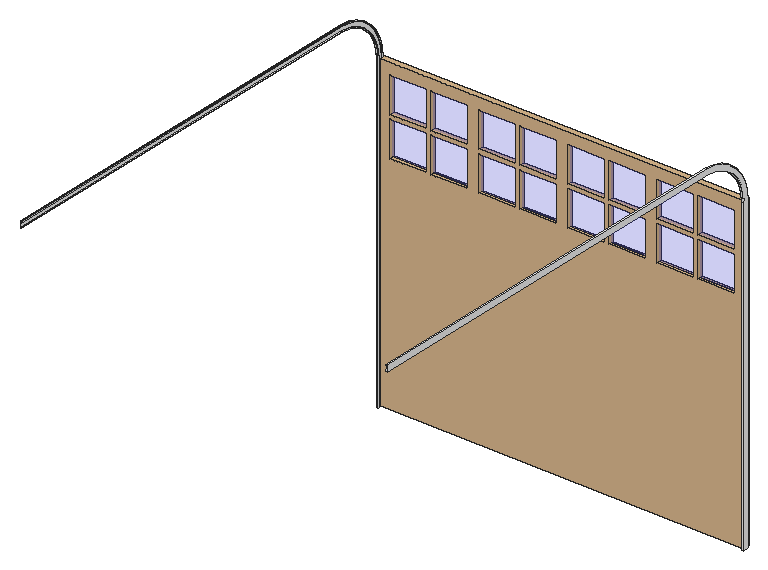
Revit family
Parameters (values of type "7Ft H x 8Ft W")
  Track Width = Width + 0' 2"  # 8' - 2"
  Track Height = Height + 1' 0"  # 8' - 0"
  Track Depth = 10' - 0"
  Track = Metal
  SmartBIM Object Version = 1  # constant formula
  SmartBIM Object Created By = "Reed Construction Data"  # constant formula
  Rough Width = 0' - 0"
  Rough Height = 0' - 0"
  Panel Thickness = 0' - 1 1/2"
  Manufacturer = ""
  Height = 7' - 0"
  Wall Closure = (empty or 0)
  Width = 8' - 0"
  Door Glass = Glass
  Door = Wood
  95 CSI = "08360"  # constant formula
  04 CSI = "08 36 13"  # constant formula
Types (3): name | Track Width | Width
  (no name) | 8' - 2" | 8' - 0"
  7Ft H x 8Ft W | 8' - 2" | 8' - 0"
  7Ft H x 16Ft W | 16' - 2" | 16' - 0"
Reference planes (in)
  plane 1 "Center (Front/Back)": y = 0
  plane 2 "Center (Left/Right)": x = 0
  plane 3 "Left": x = -48
  plane 4 "Right": x = 48
  plane 5 "Top": z = 84
  plane 6: x = -49
  plane 7: x = 49
  plane 8: y = -3.25
  plane 9: z = 60.75
  plane 10: z = 20.25
  plane 11: z = 40.5
  plane 12: z = 81
  plane 13: x = 24
  plane 14: x = -24
  plane 15: y = -2.5
  plane 16: y = -2.5
  plane 17 "Ext": y = -3.25
  plane 18: y = -2.5
  plane 19 "Int": y = -1.75
  plane 20: x = -36
  plane 21: x = -12
  plane 22: x = 12
  plane 23: x = 36
  plane 24: z = 70.875
Forms (in)
  Extrusion 1, solid, material "Wood" <- "Door"
    sketch origin (0, 0, 0) x (1, 0, 0) y (0, 0, 1)
      loop
        line (-49, 84) -> (-49, 0) -> (49, 0) -> (49, 84) -> (-49, 84)
      loop
        line (46.5, 60.75) -> (46.5, 70.375) -> (36.5, 70.375) -> (36.5, 60.75) -> (46.5, 60.75)
      loop
        line (22.5, 60.75) -> (22.5, 70.375) -> (12.5, 70.375) -> (12.5, 60.75) -> (22.5, 60.75)
      loop
        line (25.5, 81) -> (25.5, 71.375) -> (35.5, 71.375) -> (35.5, 81) -> (25.5, 81)
      loop
        line (46.5, 81) -> (36.5, 81) -> (36.5, 71.375) -> (46.5, 71.375) -> (46.5, 81)
      loop
        line (22.5, 81) -> (12.5, 81) -> (12.5, 71.375) -> (22.5, 71.375) -> (22.5, 81)
      loop
        line (-1.5, 60.75) -> (-1.5, 70.375) -> (-11.5, 70.375) -> (-11.5, 60.75) -> (-1.5, 60.75)
      loop
        line (1.5, 81) -> (1.5, 71.375) -> (11.5, 71.375) -> (11.5, 81) -> (1.5, 81)
      loop
        line (-1.5, 81) -> (-11.5, 81) -> (-11.5, 71.375) -> (-1.5, 71.375) -> (-1.5, 81)
      loop
        line (-25.5, 60.75) -> (-25.5, 70.375) -> (-35.5, 70.375) -> (-35.5, 60.75) -> (-25.5, 60.75)
      loop
        line (-22.5, 81) -> (-22.5, 71.375) -> (-12.5, 71.375) -> (-12.5, 81) -> (-22.5, 81)
      loop
        line (-25.5, 81) -> (-35.5, 81) -> (-35.5, 71.375) -> (-25.5, 71.375) -> (-25.5, 81)
      loop
        line (-46.5, 81) -> (-46.5, 71.375) -> (-36.5, 71.375) -> (-36.5, 81) -> (-46.5, 81)
      loop
        line (-36.5, 60.75) -> (-36.5, 70.375) -> (-46.5, 70.375) -> (-46.5, 60.75) -> (-36.5, 60.75)
      loop
        line (-12.5, 60.75) -> (-12.5, 70.375) -> (-22.5, 70.375) -> (-22.5, 60.75) -> (-12.5, 60.75)
      loop
        line (11.5, 60.75) -> (11.5, 70.375) -> (1.5, 70.375) -> (1.5, 60.75) -> (11.5, 60.75)
      loop
        line (35.5, 60.75) -> (35.5, 70.375) -> (25.5, 70.375) -> (25.5, 60.75) -> (35.5, 60.75)
    from 1.75 to 3.25
  Extrusion 2, solid, material "Glass" <- "Door Glass"
    sketch origin (0, 0, 0) x (1, 0, 0) y (0, 0, 1)
      loop
        line (46.5, 81) -> (25.5, 81) -> (25.5, 60.75) -> (46.5, 60.75) -> (46.5, 81)
      loop
        line (22.5, 81) -> (1.5, 81) -> (1.5, 60.75) -> (22.5, 60.75) -> (22.5, 81)
      loop
        line (-1.5, 81) -> (-22.5, 81) -> (-22.5, 60.75) -> (-1.5, 60.75) -> (-1.5, 81)
      loop
        line (-25.5, 81) -> (-46.5, 81) -> (-46.5, 60.75) -> (-25.5, 60.75) -> (-25.5, 81)
    from 2.375 to 2.625
Lines and regions (in)
  Opening 1
    outline origin (-90, -1.75, 0) x (1, 0, 0) y (0, 0, 1)
      loop
        line (42, 0) -> (138, 0) -> (138, 84) -> (42, 84) -> (42, 0)
  model lines
    curve 1: line (25.5, -3.25, 59.25) -> (25.5, -3.25, 42)
    curve 2: line (25.5, -3.25, 42) -> (46.5, -3.25, 42)
    curve 3: line (46.5, -3.25, 42) -> (46.5, -3.25, 59.25)
    curve 4: line (46.5, -3.25, 59.25) -> (25.5, -3.25, 59.25)
    curve 5: line (45, -3.25, 57.75) -> (27, -3.25, 57.75)
    curve 6: line (27, -3.25, 57.75) -> (27, -3.25, 43.5)
    curve 7: line (27, -3.25, 43.5) -> (45, -3.25, 43.5)
    curve 8: line (45, -3.25, 43.5) -> (45, -3.25, 57.75)
    curve 9: line (1.5, -3.25, 59.25) -> (1.5, -3.25, 42)
    curve 10: line (1.5, -3.25, 42) -> (22.5, -3.25, 42)
    curve 11: line (22.5, -3.25, 42) -> (22.5, -3.25, 59.25)
    curve 12: line (22.5, -3.25, 59.25) -> (1.5, -3.25, 59.25)
    curve 13: line (21, -3.25, 57.75) -> (3, -3.25, 57.75)
    curve 14: line (3, -3.25, 57.75) -> (3, -3.25, 43.5)
    curve 15: line (3, -3.25, 43.5) -> (21, -3.25, 43.5)
    curve 16: line (21, -3.25, 43.5) -> (21, -3.25, 57.75)
    curve 17: line (-1.5, -3.25, 59.25) -> (-1.5, -3.25, 42)
    curve 18: line (-1.5, -3.25, 42) -> (-22.5, -3.25, 42)
    curve 19: line (-22.5, -3.25, 42) -> (-22.5, -3.25, 59.25)
    curve 20: line (-22.5, -3.25, 59.25) -> (-1.5, -3.25, 59.25)
    curve 21: line (-21, -3.25, 57.75) -> (-3, -3.25, 57.75)
    curve 22: line (-3, -3.25, 57.75) -> (-3, -3.25, 43.5)
    curve 23: line (-3, -3.25, 43.5) -> (-21, -3.25, 43.5)
    curve 24: line (-21, -3.25, 43.5) -> (-21, -3.25, 57.75)
    curve 25: line (-46.5, -3.25, 59.25) -> (-46.5, -3.25, 42)
    curve 26: line (-46.5, -3.25, 42) -> (-25.5, -3.25, 42)
    curve 27: line (-25.5, -3.25, 42) -> (-25.5, -3.25, 59.25)
    curve 28: line (-25.5, -3.25, 59.25) -> (-46.5, -3.25, 59.25)
    curve 29: line (-27, -3.25, 57.75) -> (-45, -3.25, 57.75)
    curve 30: line (-45, -3.25, 57.75) -> (-45, -3.25, 43.5)
    curve 31: line (-45, -3.25, 43.5) -> (-27, -3.25, 43.5)
    curve 32: line (-27, -3.25, 43.5) -> (-27, -3.25, 57.75)
    curve 33: line (-46.5, -3.25, 39) -> (-46.5, -3.25, 21.75)
    curve 34: line (-46.5, -3.25, 21.75) -> (-25.5, -3.25, 21.75)
    curve 35: line (-25.5, -3.25, 21.75) -> (-25.5, -3.25, 39)
    curve 36: line (-25.5, -3.25, 39) -> (-46.5, -3.25, 39)
    curve 37: line (-27, -3.25, 37.5) -> (-45, -3.25, 37.5)
    curve 38: line (-45, -3.25, 37.5) -> (-45, -3.25, 23.25)
    curve 39: line (-45, -3.25, 23.25) -> (-27, -3.25, 23.25)
    curve 40: line (-27, -3.25, 23.25) -> (-27, -3.25, 37.5)
    curve 41: line (-22.5, -3.25, 39) -> (-22.5, -3.25, 21.75)
    curve 42: line (-22.5, -3.25, 21.75) -> (-1.5, -3.25, 21.75)
    curve 43: line (-1.5, -3.25, 21.75) -> (-1.5, -3.25, 39)
    curve 44: line (-1.5, -3.25, 39) -> (-22.5, -3.25, 39)
    curve 45: line (-3, -3.25, 37.5) -> (-21, -3.25, 37.5)
    curve 46: line (-21, -3.25, 37.5) -> (-21, -3.25, 23.25)
    curve 47: line (-21, -3.25, 23.25) -> (-3, -3.25, 23.25)
    curve 48: line (-3, -3.25, 23.25) -> (-3, -3.25, 37.5)
    curve 49: line (22.5, -3.25, 39) -> (22.5, -3.25, 21.75)
    curve 50: line (22.5, -3.25, 21.75) -> (1.5, -3.25, 21.75)
    curve 51: line (1.5, -3.25, 21.75) -> (1.5, -3.25, 39)
    curve 52: line (1.5, -3.25, 39) -> (22.5, -3.25, 39)
    curve 53: line (3, -3.25, 37.5) -> (21, -3.25, 37.5)
    curve 54: line (21, -3.25, 37.5) -> (21, -3.25, 23.25)
    curve 55: line (21, -3.25, 23.25) -> (3, -3.25, 23.25)
    curve 56: line (3, -3.25, 23.25) -> (3, -3.25, 37.5)
    curve 57: line (25.5, -3.25, 39) -> (25.5, -3.25, 21.75)
    curve 58: line (25.5, -3.25, 21.75) -> (46.5, -3.25, 21.75)
    curve 59: line (46.5, -3.25, 21.75) -> (46.5, -3.25, 39)
    curve 60: line (46.5, -3.25, 39) -> (25.5, -3.25, 39)
    curve 61: line (45, -3.25, 37.5) -> (27, -3.25, 37.5)
    curve 62: line (27, -3.25, 37.5) -> (27, -3.25, 23.25)
    curve 63: line (27, -3.25, 23.25) -> (45, -3.25, 23.25)
    curve 64: line (45, -3.25, 23.25) -> (45, -3.25, 37.5)
    curve 65: line (-46.5, -3.25, 1.5) -> (-46.5, -3.25, 18.75)
    curve 66: line (-46.5, -3.25, 18.75) -> (-25.5, -3.25, 18.75)
    curve 67: line (-25.5, -3.25, 18.75) -> (-25.5, -3.25, 1.5)
    curve 68: line (-25.5, -3.25, 1.5) -> (-46.5, -3.25, 1.5)
    curve 69: line (-27, -3.25, 3) -> (-45, -3.25, 3)
    curve 70: line (-45, -3.25, 3) -> (-45, -3.25, 17.25)
    curve 71: line (-45, -3.25, 17.25) -> (-27, -3.25, 17.25)
    curve 72: line (-27, -3.25, 17.25) -> (-27, -3.25, 3)
    curve 73: line (-1.5, -3.25, 1.5) -> (-1.5, -3.25, 18.75)
    curve 74: line (-1.5, -3.25, 18.75) -> (-22.5, -3.25, 18.75)
    curve 75: line (-22.5, -3.25, 18.75) -> (-22.5, -3.25, 1.5)
    curve 76: line (-22.5, -3.25, 1.5) -> (-1.5, -3.25, 1.5)
    curve 77: line (-21, -3.25, 3) -> (-3, -3.25, 3)
    curve 78: line (-3, -3.25, 3) -> (-3, -3.25, 17.25)
    curve 79: line (-3, -3.25, 17.25) -> (-21, -3.25, 17.25)
    curve 80: line (-21, -3.25, 17.25) -> (-21, -3.25, 3)
    curve 81: line (1.5, -3.25, 1.5) -> (1.5, -3.25, 18.75)
    curve 82: line (1.5, -3.25, 18.75) -> (22.5, -3.25, 18.75)
    curve 83: line (22.5, -3.25, 18.75) -> (22.5, -3.25, 1.5)
    curve 84: line (22.5, -3.25, 1.5) -> (1.5, -3.25, 1.5)
    curve 85: line (21, -3.25, 3) -> (3, -3.25, 3)
    curve 86: line (3, -3.25, 3) -> (3, -3.25, 17.25)
    curve 87: line (3, -3.25, 17.25) -> (21, -3.25, 17.25)
    curve 88: line (21, -3.25, 17.25) -> (21, -3.25, 3)
    curve 89: line (46.5, -3.25, 1.5) -> (46.5, -3.25, 18.75)
    curve 90: line (46.5, -3.25, 18.75) -> (25.5, -3.25, 18.75)
    curve 91: line (25.5, -3.25, 18.75) -> (25.5, -3.25, 1.5)
    curve 92: line (25.5, -3.25, 1.5) -> (46.5, -3.25, 1.5)
    curve 93: line (27, -3.25, 3) -> (45, -3.25, 3)
    curve 94: line (45, -3.25, 3) -> (45, -3.25, 17.25)
    curve 95: line (45, -3.25, 17.25) -> (27, -3.25, 17.25)
    curve 96: line (27, -3.25, 17.25) -> (27, -3.25, 3)
    curve 97: line (25.5, -1.75, 59.25) -> (25.5, -1.75, 42)
    curve 98: line (25.5, -1.75, 42) -> (46.5, -1.75, 42)
    curve 99: line (46.5, -1.75, 42) -> (46.5, -1.75, 59.25)
    curve 100: line (46.5, -1.75, 59.25) -> (25.5, -1.75, 59.25)
    curve 101: line (45, -1.75, 57.75) -> (27, -1.75, 57.75)
    curve 102: line (27, -1.75, 57.75) -> (27, -1.75, 43.5)
    curve 103: line (27, -1.75, 43.5) -> (45, -1.75, 43.5)
    curve 104: line (45, -1.75, 43.5) -> (45, -1.75, 57.75)
    curve 105: line (1.5, -1.75, 59.25) -> (1.5, -1.75, 42)
    curve 106: line (1.5, -1.75, 42) -> (22.5, -1.75, 42)
    curve 107: line (22.5, -1.75, 42) -> (22.5, -1.75, 59.25)
    curve 108: line (22.5, -1.75, 59.25) -> (1.5, -1.75, 59.25)
    curve 109: line (21, -1.75, 57.75) -> (3, -1.75, 57.75)
    curve 110: line (3, -1.75, 57.75) -> (3, -1.75, 43.5)
    curve 111: line (3, -1.75, 43.5) -> (21, -1.75, 43.5)
    curve 112: line (21, -1.75, 43.5) -> (21, -1.75, 57.75)
    curve 113: line (-1.5, -1.75, 59.25) -> (-1.5, -1.75, 42)
    curve 114: line (-1.5, -1.75, 42) -> (-22.5, -1.75, 42)
    curve 115: line (-22.5, -1.75, 42) -> (-22.5, -1.75, 59.25)
    curve 116: line (-22.5, -1.75, 59.25) -> (-1.5, -1.75, 59.25)
    curve 117: line (-21, -1.75, 57.75) -> (-3, -1.75, 57.75)
    curve 118: line (-3, -1.75, 57.75) -> (-3, -1.75, 43.5)
    curve 119: line (-3, -1.75, 43.5) -> (-21, -1.75, 43.5)
    curve 120: line (-21, -1.75, 43.5) -> (-21, -1.75, 57.75)
    curve 121: line (-46.5, -1.75, 59.25) -> (-46.5, -1.75, 42)
    curve 122: line (-46.5, -1.75, 42) -> (-25.5, -1.75, 42)
    curve 123: line (-25.5, -1.75, 42) -> (-25.5, -1.75, 59.25)
    curve 124: line (-25.5, -1.75, 59.25) -> (-46.5, -1.75, 59.25)
    curve 125: line (-27, -1.75, 57.75) -> (-45, -1.75, 57.75)
    curve 126: line (-45, -1.75, 57.75) -> (-45, -1.75, 43.5)
    curve 127: line (-45, -1.75, 43.5) -> (-27, -1.75, 43.5)
    curve 128: line (-27, -1.75, 43.5) -> (-27, -1.75, 57.75)
    curve 129: line (-46.5, -1.75, 39) -> (-46.5, -1.75, 21.75)
    curve 130: line (-46.5, -1.75, 21.75) -> (-25.5, -1.75, 21.75)
    curve 131: line (-25.5, -1.75, 21.75) -> (-25.5, -1.75, 39)
    curve 132: line (-25.5, -1.75, 39) -> (-46.5, -1.75, 39)
    curve 133: line (-27, -1.75, 37.5) -> (-45, -1.75, 37.5)
    curve 134: line (-45, -1.75, 37.5) -> (-45, -1.75, 23.25)
    curve 135: line (-45, -1.75, 23.25) -> (-27, -1.75, 23.25)
    curve 136: line (-27, -1.75, 23.25) -> (-27, -1.75, 37.5)
    curve 137: line (-22.5, -1.75, 39) -> (-22.5, -1.75, 21.75)
    curve 138: line (-22.5, -1.75, 21.75) -> (-1.5, -1.75, 21.75)
    curve 139: line (-1.5, -1.75, 21.75) -> (-1.5, -1.75, 39)
    curve 140: line (-1.5, -1.75, 39) -> (-22.5, -1.75, 39)
    curve 141: line (-3, -1.75, 37.5) -> (-21, -1.75, 37.5)
    curve 142: line (-21, -1.75, 37.5) -> (-21, -1.75, 23.25)
    curve 143: line (-21, -1.75, 23.25) -> (-3, -1.75, 23.25)
    curve 144: line (-3, -1.75, 23.25) -> (-3, -1.75, 37.5)
    curve 145: line (22.5, -1.75, 39) -> (22.5, -1.75, 21.75)
    curve 146: line (22.5, -1.75, 21.75) -> (1.5, -1.75, 21.75)
    curve 147: line (1.5, -1.75, 21.75) -> (1.5, -1.75, 39)
    curve 148: line (1.5, -1.75, 39) -> (22.5, -1.75, 39)
    curve 149: line (3, -1.75, 37.5) -> (21, -1.75, 37.5)
    curve 150: line (21, -1.75, 37.5) -> (21, -1.75, 23.25)
    curve 151: line (21, -1.75, 23.25) -> (3, -1.75, 23.25)
    curve 152: line (3, -1.75, 23.25) -> (3, -1.75, 37.5)
    curve 153: line (25.5, -1.75, 39) -> (25.5, -1.75, 21.75)
    curve 154: line (25.5, -1.75, 21.75) -> (46.5, -1.75, 21.75)
    curve 155: line (46.5, -1.75, 21.75) -> (46.5, -1.75, 39)
    curve 156: line (46.5, -1.75, 39) -> (25.5, -1.75, 39)
    curve 157: line (45, -1.75, 37.5) -> (27, -1.75, 37.5)
    curve 158: line (27, -1.75, 37.5) -> (27, -1.75, 23.25)
    curve 159: line (27, -1.75, 23.25) -> (45, -1.75, 23.25)
    curve 160: line (45, -1.75, 23.25) -> (45, -1.75, 37.5)
    curve 161: line (-46.5, -1.75, 1.5) -> (-46.5, -1.75, 18.75)
    curve 162: line (-46.5, -1.75, 18.75) -> (-25.5, -1.75, 18.75)
    curve 163: line (-25.5, -1.75, 18.75) -> (-25.5, -1.75, 1.5)
    curve 164: line (-25.5, -1.75, 1.5) -> (-46.5, -1.75, 1.5)
    curve 165: line (-27, -1.75, 3) -> (-45, -1.75, 3)
    curve 166: line (-45, -1.75, 3) -> (-45, -1.75, 17.25)
    curve 167: line (-45, -1.75, 17.25) -> (-27, -1.75, 17.25)
    curve 168: line (-27, -1.75, 17.25) -> (-27, -1.75, 3)
    curve 169: line (-1.5, -1.75, 1.5) -> (-1.5, -1.75, 18.75)
    curve 170: line (-1.5, -1.75, 18.75) -> (-22.5, -1.75, 18.75)
    curve 171: line (-22.5, -1.75, 18.75) -> (-22.5, -1.75, 1.5)
    curve 172: line (-22.5, -1.75, 1.5) -> (-1.5, -1.75, 1.5)
    curve 173: line (-21, -1.75, 3) -> (-3, -1.75, 3)
    curve 174: line (-3, -1.75, 3) -> (-3, -1.75, 17.25)
    curve 175: line (-3, -1.75, 17.25) -> (-21, -1.75, 17.25)
    curve 176: line (-21, -1.75, 17.25) -> (-21, -1.75, 3)
    curve 177: line (1.5, -1.75, 1.5) -> (1.5, -1.75, 18.75)
    curve 178: line (1.5, -1.75, 18.75) -> (22.5, -1.75, 18.75)
    curve 179: line (22.5, -1.75, 18.75) -> (22.5, -1.75, 1.5)
    curve 180: line (22.5, -1.75, 1.5) -> (1.5, -1.75, 1.5)
    curve 181: line (21, -1.75, 3) -> (3, -1.75, 3)
    curve 182: line (3, -1.75, 3) -> (3, -1.75, 17.25)
    curve 183: line (3, -1.75, 17.25) -> (21, -1.75, 17.25)
    curve 184: line (21, -1.75, 17.25) -> (21, -1.75, 3)
    curve 185: line (46.5, -1.75, 1.5) -> (46.5, -1.75, 18.75)
    curve 186: line (46.5, -1.75, 18.75) -> (25.5, -1.75, 18.75)
    curve 187: line (25.5, -1.75, 18.75) -> (25.5, -1.75, 1.5)
    curve 188: line (25.5, -1.75, 1.5) -> (46.5, -1.75, 1.5)
    curve 189: line (27, -1.75, 3) -> (45, -1.75, 3)
    curve 190: line (45, -1.75, 3) -> (45, -1.75, 17.25)
    curve 191: line (45, -1.75, 17.25) -> (27, -1.75, 17.25)
    curve 192: line (27, -1.75, 17.25) -> (27, -1.75, 3)
    curve 193: line (3, -1.75, 57.75) -> (1.5, -1.75, 59.25)
    curve 194: line (3, -1.75, 43.5) -> (1.5, -1.75, 42)
    curve 195: line (21, -1.75, 57.75) -> (22.5, -1.75, 59.25)
    curve 196: line (21, -1.75, 43.5) -> (22.5, -1.75, 42)
    curve 197: line (45, -1.75, 57.75) -> (46.5, -1.75, 59.25)
    curve 198: line (45, -1.75, 43.5) -> (46.5, -1.75, 42)
    curve 199: line (27, -1.75, 57.75) -> (25.5, -1.75, 59.25)
    curve 200: line (27, -1.75, 43.5) -> (25.5, -1.75, 42)
    curve 201: line (45, -1.75, 23.25) -> (46.5, -1.75, 21.75)
    curve 202: line (45, -1.75, 37.5) -> (46.5, -1.75, 39)
    curve 203: line (27, -1.75, 23.25) -> (25.5, -1.75, 21.75)
    curve 204: line (27, -1.75, 37.5) -> (25.5, -1.75, 39)
    curve 205: line (45, -1.75, 17.25) -> (46.5, -1.75, 18.75)
    curve 206: line (45, -1.75, 3) -> (46.5, -1.75, 1.5)
    curve 207: line (27, -1.75, 17.25) -> (25.5, -1.75, 18.75)
    curve 208: line (27, -1.75, 3) -> (25.5, -1.75, 1.5)
    curve 209: line (3, -1.75, 17.25) -> (1.5, -1.75, 18.75)
    curve 210: line (3, -1.75, 3) -> (1.5, -1.75, 1.5)
    curve 211: line (21, -1.75, 17.25) -> (22.5, -1.75, 18.75)
    curve 212: line (21, -1.75, 3) -> (22.5, -1.75, 1.5)
    curve 213: line (-3, -1.75, 17.25) -> (-1.5, -1.75, 18.75)
    curve 214: line (-3, -1.75, 3) -> (-1.5, -1.75, 1.5)
    curve 215: line (-21, -1.75, 17.25) -> (-22.5, -1.75, 18.75)
    curve 216: line (-21, -1.75, 3) -> (-22.5, -1.75, 1.5)
    curve 217: line (-45, -1.75, 17.25) -> (-46.5, -1.75, 18.75)
    curve 218: line (-45, -1.75, 3) -> (-46.5, -1.75, 1.5)
    curve 219: line (-27, -1.75, 17.25) -> (-25.5, -1.75, 18.75)
    curve 220: line (-27, -1.75, 3) -> (-25.5, -1.75, 1.5)
    curve 221: line (-45, -1.75, 23.25) -> (-46.5, -1.75, 21.75)
    curve 222: line (-45, -1.75, 37.5) -> (-46.5, -1.75, 39)
    curve 223: line (-27, -1.75, 23.25) -> (-25.5, -1.75, 21.75)
    curve 224: line (-27, -1.75, 37.5) -> (-25.5, -1.75, 39)
    curve 225: line (-3, -1.75, 23.25) -> (-1.5, -1.75, 21.75)
    curve 226: line (-3, -1.75, 37.5) -> (-1.5, -1.75, 39)
    curve 227: line (-21, -1.75, 23.25) -> (-22.5, -1.75, 21.75)
    curve 228: line (-21, -1.75, 37.5) -> (-22.5, -1.75, 39)
    curve 229: line (3, -1.75, 23.25) -> (1.5, -1.75, 21.75)
    curve 230: line (3, -1.75, 37.5) -> (1.5, -1.75, 39)
    curve 231: line (21, -1.75, 23.25) -> (22.5, -1.75, 21.75)
    curve 232: line (21, -1.75, 37.5) -> (22.5, -1.75, 39)
    curve 233: line (-3, -1.75, 57.75) -> (-1.5, -1.75, 59.25)
    curve 234: line (-3, -1.75, 43.5) -> (-1.5, -1.75, 42)
    curve 235: line (-21, -1.75, 57.75) -> (-22.5, -1.75, 59.25)
    curve 236: line (-21, -1.75, 43.5) -> (-22.5, -1.75, 42)
    curve 237: line (-45, -1.75, 57.75) -> (-46.5, -1.75, 59.25)
    curve 238: line (-45, -1.75, 43.5) -> (-46.5, -1.75, 42)
    curve 239: line (-27, -1.75, 57.75) -> (-25.5, -1.75, 59.25)
    curve 240: line (-27, -1.75, 43.5) -> (-25.5, -1.75, 42)
    curve 241: line (-45, -3.25, 57.75) -> (-46.5, -3.25, 59.25)
    curve 242: line (-27, -3.25, 57.75) -> (-25.5, -3.25, 59.25)
    curve 243: line (-45, -3.25, 43.5) -> (-46.5, -3.25, 42)
    curve 244: line (-27, -3.25, 43.5) -> (-25.5, -3.25, 42)
    curve 245: line (-3, -3.25, 57.75) -> (-1.5, -3.25, 59.25)
    curve 246: line (-21, -3.25, 57.75) -> (-22.5, -3.25, 59.25)
    curve 247: line (-3, -3.25, 43.5) -> (-1.5, -3.25, 42)
    curve 248: line (-21, -3.25, 43.5) -> (-22.5, -3.25, 42)
    curve 249: line (3, -3.25, 57.75) -> (1.5, -3.25, 59.25)
    curve 250: line (21, -3.25, 57.75) -> (22.5, -3.25, 59.25)
    curve 251: line (3, -3.25, 43.5) -> (1.5, -3.25, 42)
    curve 252: line (21, -3.25, 43.5) -> (22.5, -3.25, 42)
    curve 253: line (45, -3.25, 57.75) -> (46.5, -3.25, 59.25)
    curve 254: line (27, -3.25, 57.75) -> (25.5, -3.25, 59.25)
    curve 255: line (45, -3.25, 43.5) -> (46.5, -3.25, 42)
    curve 256: line (27, -3.25, 43.5) -> (25.5, -3.25, 42)
    curve 257: line (45, -3.25, 23.25) -> (46.5, -3.25, 21.75)
    curve 258: line (27, -3.25, 23.25) -> (25.5, -3.25, 21.75)
    curve 259: line (45, -3.25, 37.5) -> (46.5, -3.25, 39)
    curve 260: line (27, -3.25, 37.5) -> (25.5, -3.25, 39)
    curve 261: line (3, -3.25, 23.25) -> (1.5, -3.25, 21.75)
    curve 262: line (21, -3.25, 23.25) -> (22.5, -3.25, 21.75)
    curve 263: line (3, -3.25, 37.5) -> (1.5, -3.25, 39)
    curve 264: line (21, -3.25, 37.5) -> (22.5, -3.25, 39)
    curve 265: line (-3, -3.25, 23.25) -> (-1.5, -3.25, 21.75)
    curve 266: line (-21, -3.25, 23.25) -> (-22.5, -3.25, 21.75)
    curve 267: line (-3, -3.25, 37.5) -> (-1.5, -3.25, 39)
    curve 268: line (-21, -3.25, 37.5) -> (-22.5, -3.25, 39)
    curve 269: line (-45, -3.25, 23.25) -> (-46.5, -3.25, 21.75)
    curve 270: line (-27, -3.25, 23.25) -> (-25.5, -3.25, 21.75)
    curve 271: line (-45, -3.25, 37.5) -> (-46.5, -3.25, 39)
    curve 272: line (-27, -3.25, 37.5) -> (-25.5, -3.25, 39)
    curve 273: line (-45, -3.25, 17.25) -> (-46.5, -3.25, 18.75)
    curve 274: line (-27, -3.25, 17.25) -> (-25.5, -3.25, 18.75)
    curve 275: line (-45, -3.25, 3) -> (-46.5, -3.25, 1.5)
    curve 276: line (-27, -3.25, 3) -> (-25.5, -3.25, 1.5)
    curve 277: line (-3, -3.25, 17.25) -> (-1.5, -3.25, 18.75)
    curve 278: line (-21, -3.25, 17.25) -> (-22.5, -3.25, 18.75)
    curve 279: line (-3, -3.25, 3) -> (-1.5, -3.25, 1.5)
    curve 280: line (-21, -3.25, 3) -> (-22.5, -3.25, 1.5)
    curve 281: line (3, -3.25, 17.25) -> (1.5, -3.25, 18.75)
    curve 282: line (21, -3.25, 17.25) -> (22.5, -3.25, 18.75)
    curve 283: line (3, -3.25, 3) -> (1.5, -3.25, 1.5)
    curve 284: line (21, -3.25, 3) -> (22.5, -3.25, 1.5)
    curve 285: line (45, -3.25, 17.25) -> (46.5, -3.25, 18.75)
    curve 286: line (27, -3.25, 17.25) -> (25.5, -3.25, 18.75)
    curve 287: line (45, -3.25, 3) -> (46.5, -3.25, 1.5)
    curve 288: line (27, -3.25, 3) -> (25.5, -3.25, 1.5)
Text (in)
  text "Exterior" at (-74.96733, 27.31104, 0), in view "Ref. Level"
  text "Interior" at (-76.69036, -30.31274, 0), in view "Ref. Level"
  text "Exterior" at (0, 40.15149, 123.01588), in view "Right"
  text "Interior" at (0, -64.39139, 123.01588), in view "Right"
  text "Interior" at (0, -31.01599, 123.00693), in view "Left"
  text "Exterior" at (0, 54.57065, 123.00693), in view "Left"
Dimensions and locks (in)
  equal spacing: plane 3 "Left", plane 2 "Center (Left/Right)", plane 4 "Right"
  "Height": level to plane 5 "Top"
  "Width": plane 3 "Left" to plane 4 "Right"
  locked: plane 6 to plane 3 "Left" at 1
  locked: plane 4 "Right" to plane 7 at 1
  locked: plane 12 to plane 5 "Top" at 3
  equal spacing: level, plane 10, plane 11, plane 9, plane 12
  equal spacing: plane 2 "Center (Left/Right)", plane 13, plane 4 "Right"
  equal spacing: plane 2 "Center (Left/Right)", plane 14, plane 3 "Left"
  locked: Extrusion 1 sketch curve to plane 4 "Right" at 1.5
  equal spacing: Extrusion 1 sketch curve, plane 13, Extrusion 1 sketch curve
  locked: Extrusion 1 sketch curve to Extrusion 1 sketch curve at 3  (x3)
  equal spacing: Extrusion 1 sketch curve, plane 2 "Center (Left/Right)", Extrusion 1 sketch curve
  equal spacing: Extrusion 1 sketch curve, plane 14, Extrusion 1 sketch curve
  locked: Extrusion 1 sketch curve to plane 3 "Left" at 1.5
  locked: Extrusion 2 to Extrusion 2 at 0.25  (x2)
  host wall to plane 15 to plane 8 = 0' - 0 3/4", 0' - 0 3/4"
  equal spacing: Extrusion 2, plane 16, Extrusion 2
  curve 8 to curve 3 to plane 4 "Right" = 0' - 1 1/2" locked, 0' - 1 1/2" locked
  curve 5 to curve 4 to plane 9 = 0' - 1 1/2" locked, 0' - 1 1/2" locked
  curve 6 to curve 1 to plane 13 = 0' - 1 1/2" locked, 0' - 1 1/2" locked
  plane 11 to curve 2 to curve 7 = 0' - 1 1/2" locked, 0' - 1 1/2" locked
  curve 16 to curve 11 to plane 13 = 0' - 1 1/2" locked, 0' - 1 1/2" locked
  curve 14 to curve 9 to plane 2 "Center (Left/Right)" = 0' - 1 1/2" locked, 0' - 1 1/2" locked
  plane 2 "Center (Left/Right)" to curve 17 to curve 22 = 0' - 1 1/2" locked, 0' - 1 1/2" locked
  plane 14 to Extrusion 1 to curve 24 = 0' - 1 1/2", 0' - 1 1/2"
  curve 32 to curve 27 to plane 14 = 0' - 1 1/2" locked, 0' - 1 1/2" locked
  plane 3 "Left" to curve 25 to curve 30 = 0' - 1 1/2" locked, 0' - 1 1/2" locked
  plane 11 to curve 36 to curve 37 = 0' - 1 1/2" locked, 0' - 1 1/2" locked
  curve 39 to curve 34 to plane 10 = 0' - 1 1/2" locked, 0' - 1 1/2" locked
  plane 10 to curve 66 to curve 71 = 0' - 1 1/2" locked, 0' - 1 1/2" locked
  curve 69 to curve 68 to level = 0' - 1 1/2" locked, 0' - 1 1/2" locked
  equal spacing: plane 17 "Ext", plane 18, plane 19 "Int"
  locked: curve 104 to curve 99 at 1.5
  locked: curve 101 to curve 100 at 1.5
  locked: curve 102 to curve 97 at 1.5
  locked: curve 98 to curve 103 at 1.5
  locked: curve 112 to curve 107 at 1.5
  locked: curve 110 to curve 105 at 1.5
  locked: curve 113 to curve 118 at 1.5
  locked: curve 128 to curve 123 at 1.5
  locked: curve 121 to curve 126 at 1.5
  locked: curve 132 to curve 133 at 1.5
  locked: curve 135 to curve 130 at 1.5
  locked: curve 162 to curve 167 at 1.5
  locked: curve 165 to curve 164 at 1.5
  "Panel Thickness": plane 19 "Int" to plane 17 "Ext"
  equal spacing: Extrusion 1 sketch curve, plane 23, Extrusion 1 sketch curve  (x2)
  equal spacing: plane 13, plane 23, plane 4 "Right"
  equal spacing: plane 13, plane 22, plane 2 "Center (Left/Right)"
  equal spacing: Extrusion 1 sketch curve, plane 22, Extrusion 1 sketch curve
  locked: Extrusion 1 sketch curve to Extrusion 1 sketch curve at 1  (x4)
  equal spacing: plane 2 "Center (Left/Right)", plane 21, plane 14
  equal spacing: Extrusion 1 sketch curve, plane 21, Extrusion 1 sketch curve
  equal spacing: plane 3 "Left", plane 20, plane 14
  equal spacing: Extrusion 1 sketch curve, plane 20, Extrusion 1 sketch curve
  equal spacing: plane 12, plane 24, plane 9
  equal spacing: Extrusion 1 sketch curve, plane 24, Extrusion 1 sketch curve
  aligned and locked: plane 3 "Left" to Opening 1 sketch curve
  aligned and locked: plane 5 "Top" to Opening 1 sketch curve  (x2)
  aligned and locked: Opening 1 sketch curve to plane 4 "Right"
  aligned and locked: Opening 1 sketch curve to level
  aligned and locked: Extrusion 1 sketch curve to plane 6
  aligned and locked: Extrusion 1 sketch curve to plane 7
  aligned and locked: Extrusion 1 sketch curve to level
  aligned and locked: Extrusion 1 sketch curve to host wall
  aligned and locked: plane 12 to Extrusion 1 sketch curve  (x4)
  aligned and locked: plane 9 to Extrusion 1 sketch curve  (x4)
  aligned and locked: Extrusion 1 sketch curve to plane 9
  aligned and locked: Extrusion 2 sketch curve to Extrusion 1  (x16)
  aligned and locked: plane 15 to plane 16
  aligned and locked: curve 30 to curve 38
  aligned and locked: curve 25 to curve 33
  aligned and locked: curve 40 to curve 32
  aligned and locked: curve 35 to curve 27
  aligned and locked: curve 19 to curve 41
  aligned and locked: curve 24 to curve 46
  aligned and locked: curve 44 to curve 36
  aligned and locked: curve 45 to curve 37
  aligned and locked: curve 39 to curve 47
  aligned and locked: curve 34 to curve 42
  aligned and locked: curve 48 to curve 22
  aligned and locked: curve 43 to curve 17
  aligned and locked: curve 44 to curve 52
  aligned and locked: curve 45 to curve 53
  aligned and locked: curve 55 to curve 47
  aligned and locked: curve 50 to curve 42
  aligned and locked: curve 51 to curve 9
  aligned and locked: curve 56 to curve 14
  aligned and locked: curve 11 to curve 49
  aligned and locked: curve 16 to curve 54
  aligned and locked: curve 60 to curve 52
  aligned and locked: curve 61 to curve 53
  aligned and locked: curve 55 to curve 63
  aligned and locked: curve 50 to curve 58
  aligned and locked: curve 1 to curve 57
  aligned and locked: curve 6 to curve 62
  aligned and locked: curve 64 to curve 8
  aligned and locked: curve 59 to curve 3
  aligned and locked: curve 65 to curve 33
  aligned and locked: curve 70 to curve 38
  aligned and locked: curve 40 to curve 72
  aligned and locked: curve 35 to curve 67
  aligned and locked: curve 68 to curve 76
  aligned and locked: curve 74 to curve 66
  aligned and locked: curve 41 to curve 75
  aligned and locked: curve 46 to curve 80
  aligned and locked: curve 78 to curve 48
  aligned and locked: curve 73 to curve 43
  aligned and locked: curve 81 to curve 51
  aligned and locked: curve 86 to curve 56
  aligned and locked: curve 54 to curve 88
  aligned and locked: curve 49 to curve 83
  aligned and locked: curve 74 to curve 82
  aligned and locked: curve 79 to curve 87
  aligned and locked: curve 84 to curve 76
  aligned and locked: curve 85 to curve 77
  aligned and locked: curve 90 to curve 82
  aligned and locked: curve 95 to curve 87
  aligned and locked: curve 84 to curve 92
  aligned and locked: curve 85 to curve 93
  aligned and locked: curve 57 to curve 91
  aligned and locked: curve 62 to curve 96
  aligned and locked: curve 94 to curve 64
  aligned and locked: curve 89 to curve 59
  aligned and locked: host wall to plane 19 "Int"
  aligned and locked: plane 16 to plane 18
  aligned and locked: plane 17 "Ext" to Extrusion 1
  aligned and locked: Extrusion 1 to host wall
  aligned and locked: curve 241 to curve 237
  aligned and locked: Extrusion 1 sketch curve to Extrusion 1 sketch curve  (x18)
  aligned and locked: nested 1 to plane 2 "Center (Left/Right)"
  aligned and locked: nested 1 to plane 17 "Ext"
Automatic sketch dimensions
  curve 124 to plane 3 "Left" = 0' - 1 1/2"
  curve 222 to plane 3 "Left" = 0' - 1 1/2"
  curve 218 to plane 3 "Left" = 0' - 1 1/2"
  curve 161 to curve 217 = 0' - 1 1/2"
  curve 129 to curve 222 = 0' - 1 1/2"
  plane 14 to curve 135 = 0' - 3"
  plane 14 to curve 168 = 0' - 3"
  plane 14 to curve 128 = 0' - 3"
  plane 14 to curve 164 = 0' - 1 1/2"
  plane 14 to curve 224 = 0' - 1 1/2"
  curve 115 to plane 14 = 0' - 1 1/2"
  curve 216 to plane 14 = 0' - 1 1/2"
  curve 227 to plane 14 = 0' - 1 1/2"
  curve 137 to curve 142 = 0' - 1 1/2"
  curve 114 to curve 119 = 0' - 1 1/2"
  curve 171 to curve 173 = 0' - 1 1/2"
  curve 119 to plane 2 "Center (Left/Right)" = 0' - 3"
  curve 214 to plane 2 "Center (Left/Right)" = 0' - 3"
  curve 226 to plane 2 "Center (Left/Right)" = 0' - 3"
  curve 169 to plane 2 "Center (Left/Right)" = 0' - 1 1/2"
  curve 140 to plane 2 "Center (Left/Right)" = 0' - 1 1/2"
  plane 2 "Center (Left/Right)" to curve 194 = 0' - 1 1/2"
  plane 2 "Center (Left/Right)" to curve 230 = 0' - 1 1/2"
  plane 2 "Center (Left/Right)" to curve 210 = 0' - 1 1/2"
  curve 177 to curve 209 = 0' - 1 1/2"
  curve 147 to curve 152 = 0' - 1 1/2"
  plane 13 to curve 184 = 0' - 3"
  plane 13 to curve 196 = 0' - 3"
  plane 13 to curve 150 = 0' - 3"
  plane 13 to curve 212 = 0' - 1 1/2"
  plane 13 to curve 145 = 0' - 1 1/2"
  curve 203 to plane 13 = 0' - 1 1/2"
  curve 186 to plane 13 = 0' - 1 1/2"
  curve 200 to plane 13 = 0' - 1 1/2"
  curve 187 to curve 208 = 0' - 1 1/2"
  curve 153 to curve 159 = 0' - 1 1/2"
  plane 4 "Right" to curve 190 = 0' - 3"
  plane 4 "Right" to curve 197 = 0' - 3"
  plane 4 "Right" to curve 201 = 0' - 3"
  plane 4 "Right" to curve 205 = 0' - 1 1/2"
  plane 4 "Right" to curve 202 = 0' - 1 1/2"
  level to curve 169 = 0' - 1 1/2"
  level to curve 218 = 0' - 1 1/2"
  level to curve 212 = 0' - 1 1/2"
  level to curve 206 = 0' - 1 1/2"
  curve 177 to curve 210 = 0' - 1 1/2"
  curve 171 to curve 176 = 0' - 1 1/2"
  curve 185 to curve 190 = 0' - 1 1/2"
  curve 217 to plane 10 = 0' - 3"
  curve 205 to plane 10 = 0' - 3"
  curve 215 to plane 10 = 0' - 3"
  curve 209 to plane 10 = 0' - 3"
  curve 177 to plane 10 = 0' - 1 1/2"
  curve 207 to plane 10 = 0' - 1 1/2"
  curve 170 to plane 10 = 0' - 1 1/2"
  plane 10 to curve 201 = 0' - 1 1/2"
  plane 10 to curve 145 = 0' - 1 1/2"
  plane 10 to curve 129 = 0' - 1 1/2"
  plane 10 to curve 139 = 0' - 1 1/2"
  curve 145 to curve 231 = 0' - 1 1/2"
  curve 153 to curve 158 = 0' - 1 1/2"
  curve 138 to curve 144 = 0' - 1 1/2"
  curve 204 to plane 11 = 0' - 3"
  curve 226 to plane 11 = 0' - 3"
  curve 224 to plane 11 = 0' - 3"
  curve 230 to plane 11 = 0' - 3"
  curve 139 to plane 11 = 0' - 1 1/2"
  curve 145 to plane 11 = 0' - 1 1/2"
  curve 202 to plane 11 = 0' - 1 1/2"
  plane 11 to curve 107 = 0' - 1 1/2"
  plane 11 to curve 113 = 0' - 1 1/2"
  plane 11 to curve 121 = 0' - 1 1/2"
  plane 11 to curve 198 = 0' - 1 1/2"
  curve 122 to curve 240 = 0' - 1 1/2"
  curve 105 to curve 110 = 0' - 1 1/2"
  curve 113 to curve 118 = 0' - 1 1/2"
  curve 120 to plane 9 = 0' - 3"
  curve 125 to plane 9 = 0' - 3"
  curve 101 to plane 9 = 0' - 3"
  curve 112 to plane 9 = 0' - 3"
  curve 105 to plane 9 = 0' - 1 1/2"
  curve 113 to plane 9 = 0' - 1 1/2"
  curve 121 to plane 9 = 0' - 1 1/2"
  Extrusion 1 sketch curve to plane 9 = 0' - 0"  (x3)
  Extrusion 1 sketch curve to plane 12 = 0' - 0"  (x4)
  Extrusion 1 sketch curve to Extrusion 1 sketch curve = 0' - 0"  (x6)
  plane 14 to Extrusion 1 sketch curve = 0' - 1 1/2"
  Extrusion 1 sketch curve to plane 2 "Center (Left/Right)" = 0' - 1 1/2"
  plane 2 "Center (Left/Right)" to Extrusion 1 sketch curve = 0' - 1 1/2"
  Extrusion 1 sketch curve to plane 13 = 0' - 1 1/2"
  Extrusion 1 sketch curve to Extrusion 1 sketch curve = 0' - 1"  (x2)
  curve 19 to plane 14 = 0' - 1 1/2"
  curve 83 to curve 284 = 0' - 1 1/2"
  curve 286 to curve 90 = 0' - 1 1/2"
  plane 11 to curve 19 = 0' - 1 1/2"
  plane 11 to curve 25 = 0' - 1 1/2"
  plane 11 to curve 9 = 0' - 1 1/2"
  curve 26 to curve 32 = 0' - 1 1/2"
  curve 9 to curve 251 = 0' - 1 1/2"
  curve 18 to curve 248 = 0' - 1 1/2"
  curve 22 to plane 9 = 0' - 3"
  curve 13 to plane 9 = 0' - 3"
  curve 250 to plane 9 = 0' - 1 1/2"
  curve 246 to plane 9 = 0' - 1 1/2"
  Extrusion 1 sketch curve to plane 23 = 0' - 0 1/2"
Nested families (in)
  nested 1: "Door Track" at (-0.5, -64, 0), Width <- "Track Width", Height <- "Track Height", Depth <- "Track Depth", type "Door Track"
    with Width 8' - 2", Height 8' - 0", Depth 10' - 0"
Definition of nested family "Door Track"
  Parameters
    Width [instance] = 10' - 0"
    Track = Metal
    Height [instance] = 11' - 0"
    Depth [instance] = 8' - 0"
  Reference planes (in)
    plane 1 "Center (Front/Back)": y = 0
    plane 2: z = 0
    plane 3 "Center (Left/Right)": x = 0.5
    plane 4 "Back": y = 48
    plane 5 "Front": y = -48
    plane 6 "Left": x = -59.5
    plane 7 "Right": x = 60.5
    plane 8 "Top": z = 132
    plane 9 "Center (Up/Down)": z = 66
    plane 10: y = 48.75
    plane 11: y = 49.5
  Forms (in)
    Sweep 1, solid, material "Metal" <- "Track"
      path origin (60.5, 60, 48) x (0, 1, 0) y (0, 0, 1)
        loop
          line (-12, -48) -> (-12, 72)
          arc (-12, 72) -> (-15.51472, 80.48528) -> (-24, 84) r 12
          line (-24, 84) -> (-108, 84)
      profile origin (60.5, -6, 132) x (0, 0, -1) y (1, 0, 0)
        loop
          line (-1.5, 0) -> (-1.375, 0) -> (-1.375, 0.375) -> (-0.125, 0.375) -> (-0.125, 0) -> (0, 0) -> (0, 0.5) -> (-1.5, 0.5) -> (-1.5, 0)
    Sweep 2, solid, material "Metal" <- "Track"
      path origin (-59.5, 60, 48) x (0, 1, 0) y (0, 0, 1)
        loop
          line (-12, -48) -> (-12, 72)
          arc (-12, 72) -> (-15.51472, 80.48528) -> (-24, 84) r 12
          line (-24, 84) -> (-108, 84)
      profile origin (-59.5, -6, 132) x (0, 0, -1) y (1, 0, 0)
        loop
          line (-1.5, 0) -> (-1.5, -0.5) -> (0, -0.5) -> (0, 0) -> (-0.125, 0) -> (-0.125, -0.375) -> (-1.375, -0.375) -> (-1.375, 0) -> (-1.5, 0)
  Dimensions and locks (in)
    equal spacing: plane 6 "Left", plane 3 "Center (Left/Right)", plane 7 "Right"
    "Width": plane 6 "Left" to plane 7 "Right"
    equal spacing: plane 4 "Back", plane 1 "Center (Front/Back)", plane 5 "Front"
    "Depth": plane 4 "Back" to plane 5 "Front"
    "Height": plane 8 "Top" to plane 2
    equal spacing: plane 8 "Top", plane 9 "Center (Up/Down)", level
    locked: Sweep 2 sketch curve to Sweep 2 sketch curve at 0.125  (x3)
    locked: Sweep 2 sketch curve to Sweep 2 sketch curve at 0.5  (x2)
    locked: Sweep 2 sketch curve to Sweep 2 sketch curve at 1.5
    locked: Sweep 1 sketch curve to Sweep 1 sketch curve at 0.5  (x2)
    locked: Sweep 1 sketch curve to Sweep 1 sketch curve at 0.125  (x3)
    locked: Sweep 1 sketch curve to Sweep 1 sketch curve at 1.5
    equal spacing: plane 4 "Back", plane 10, plane 11
    locked: plane 10 to plane 11 at 0.75
    radius of Sweep 1 sketch curve = 1' - 0"
    radius of Sweep 2 sketch curve = 1' - 0"
    aligned and locked: plane 8 "Top" to Sweep 1 sketch curve  (x2)
    aligned and locked: plane 5 "Front" to Sweep 1 sketch curve
    aligned and locked: plane 4 "Back" to Sweep 1 sketch curve
    aligned and locked: plane 4 "Back" to Sweep 2 sketch curve
    aligned and locked: plane 5 "Front" to Sweep 2 sketch curve
    aligned and locked: level to Sweep 2 sketch curve
    aligned and locked: Sweep 2 sketch curve to profile plane  (x2)
    aligned and locked: Sweep 1 sketch curve to profile plane
    aligned and locked: plane 11 to Sweep 1
  Automatic sketch dimensions
    Sweep 1 sketch curve to level = 0' - 0"
    Sweep 2 sketch curve to plane 8 "Top" = 0' - 0"
